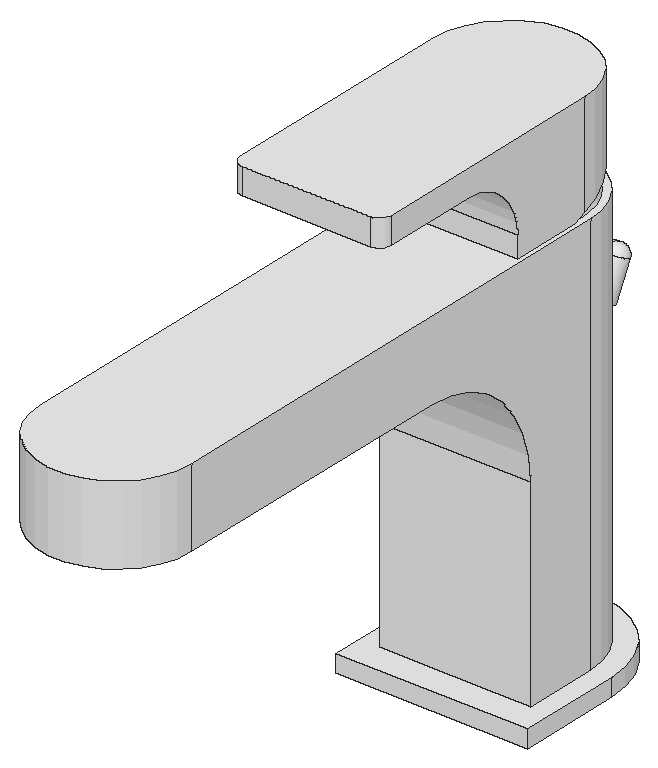
Revit family "Faucet_Bathroom-DXV-Equility-D35109100RB", category Plumbing Fixtures, Revit 2014
Parameters (values of type "D35109100RB.100")
  Width = 1 5/8"  # constant formula
  Waste Connection = no
  Warranty Documentation Link = "https://www.dxv.com/-/media/files/dxv/warranty/dxv_warranty_booklet.ashx"
  WFU = 2  # constant formula
  Vent Connection = no
  URL = "http://www.dxv.com/"
  Revised Date = "12/05/2018"  # constant formula
  Product Page URL = "https://www.dxv.com/product/equility-single-lever-bathroom-faucet-projects-model"
  Product Documentation Link = "https://dxv01.blob.core.windows.net/dxv-product-pdf-files/spec_D351091-RB_DXV_Equility_mono_vessel_EN.pdf"
  Price = "Prices may vary. Please consult Manufacturer Representative for most up-to-date price list."  # constant formula
  Model = "D35109100RB.100"
  Material = "Metal-DXV-100-Polished Chrome"
  Manufacturer = "DXV"  # constant formula
  Length = 7"  # constant formula
  Installation Type = "Deck Mounted"  # constant formula
  Hot Water Connection Diameter = 3/8"  # constant formula
  Height = 5 3/4"  # constant formula
  HWFU = 1.5  # constant formula
  HW Connection = yes
  Flow Rate = "1.5 GPM (5.7L/min)"
  Finish = Metal-DXV-100-Polished Chrome
  Description = "Equility Single Lever Faucets"  # constant formula
  Default Elevation = 0"
  Creation Date = "25/02/2014"  # constant formula
  Cold Water Connection Diameter = 3/8"  # constant formula
  CWFU = 1.5  # constant formula
  CW Connection = yes
  Assembly Code = "D2020300"
  ADA Compliant = yes
Types (4): name | Model | Material | Finish
  (no name) | "D35109100RB.100" | "Metal-DXV-100-Polished Chrome" | Metal-DXV-100-Polished Chrome
  D35109100RB.100 | "D35109100RB.100" | "Metal-DXV-100-Polished Chrome" | Metal-DXV-100-Polished Chrome
  D35109100RB.144 | "D35109100RB.144" | "Metal-DXV-144-Brushed Nickel" | Metal-DXV-144-Brushed Nickel
  D35109100RB.243 | "D35109100RB.243" | "Metal-DXV-243-Matte Black" | Metal-DXV-243-Matte Black
Reference planes (in)
  plane 1 "Center (Front/Back)": y = 0
  plane 2: z = 0
  plane 3 "Center (Left/Right)": x = 0
  plane 4: y = -2.81395
  plane 5: y = -6.18895
  plane 6: y = 0.81105
  plane 7: y = -0.81395
  plane 8: z = 3.6875
  plane 9: z = 5.75
  plane 10: x = 0.81105
  plane 11: x = -0.81395
  plane 12: y = -2.82447
Forms (in)
  Extrusion 1, solid, material "Metal-DXV-100-Polished Chrome" <- "Finish"
    sketch origin (0, 1.02284, 0) x (1, 0, 0) y (0, 1, 0)
      loop
        arc (-0.81395, -6.39929) -> (-0.00145, -7.21179) -> (0.81105, -6.39929) r 0.8125
        line (0.81105, -6.39929) -> (0.81105, -1.02429)
        arc (0.81105, -1.02429) -> (-0.00145, -0.21179) -> (-0.81395, -1.02429) r 0.8125
        line (-0.81395, -1.02429) -> (-0.81395, -6.39929)
    from 0.18685 to 4.53477
  Extrusion 2, void
    sketch origin (0, 0.96818, 0) x (0, 1, 0) y (0, 0, 1)
      loop
        line (-7.21179, 3.6875) -> (-7.21179, 0.18685) -> (-1.78213, 0.18685) -> (-1.78213, 2.35211)
        arc (-1.78213, 2.35211) -> (-2.17325, 3.29637) -> (-3.11752, 3.6875) r 1.33539
        line (-3.11752, 3.6875) -> (-7.21179, 3.6875)
      loop
        line (-3.83139, 5.46264) -> (-3.83139, 4.56557) -> (-1.96289, 4.56557) -> (-1.96289, 4.81495)
        arc (-1.96289, 4.81495) -> (-2.1526, 5.27294) -> (-2.61058, 5.46264) r 0.64769
        line (-2.61058, 5.46264) -> (-3.83139, 5.46264)
      loop
        line (-0.1875, 4.95839) -> (-1.25257, 4.56557) -> (-0.1875, 4.56557) -> (-0.1875, 4.95839)
    from -0.8758 to 0.87352
  Extrusion 3, solid, material "Metal-DXV-100-Polished Chrome" <- "Finish"
    sketch origin (0, 1.02284, 0) x (1, 0, 0) y (0, 1, 0)
      loop
        line (-1.03125, -2.15625) -> (1.03125, -2.15625) -> (1.03125, -1.02284)
        arc (1.03125, -1.02284) -> (0, 0.00841) -> (-1.03125, -1.02284) r 1.03125
        line (-1.03125, -1.02284) -> (-1.03125, -2.15625)
    from 0 to 0.18685
  Revolve 4, solid, material "Metal-DXV-100-Polished Chrome" <- "Finish"
    sketch origin (0, 0.98821, 0.57711) x (0, 1, 0) y (0, 0, 1)
      loop
        line (-0.99878, 4.53477) -> (-0.99878, 3.88423) -> (-0.25541, 3.88423)
        arc (-0.25541, 3.88423) -> (-0.50487, 4.34917) -> (-0.99878, 4.53477) r 0.75
      axis (-0.99878, 3.88423) -> (-0.99878, 4.53477)
    angle from 0 to 360
  Extrusion 5, solid, material "Metal-DXV-100-Polished Chrome" <- "Finish"
    sketch origin (0, 0.96818, 0) x (1, 0, 0) y (0, 1, 0)
      loop
        line (-0.68895, -3.78213) -> (0.68605, -3.78213)
        arc (0.68605, -3.78213) -> (0.77444, -3.74552) -> (0.81105, -3.65713) r 0.125
        line (0.81105, -3.65713) -> (0.81105, -1.05554)
        arc (0.81105, -1.05554) -> (-0.00145, -0.24304) -> (-0.81395, -1.05554) r 0.8125
        line (-0.81395, -1.05554) -> (-0.81395, -3.65713)
        arc (-0.81395, -3.65713) -> (-0.77734, -3.74552) -> (-0.68895, -3.78213) r 0.125
    from 4.58764 to 5.75
  Revolve 6, solid, material "Metal-DXV-100-Polished Chrome" <- "Finish"
    sketch origin (0, -0.48296, -3.69191) x (0, 1, 0) y (0, 0, 1)
      loop
        line (1.18637, 5.88851) -> (1.18637, 5.63851) -> (1.6721, 6.6344) -> (1.73662, 6.59885) -> (1.93207, 6.95361)
        arc (1.93207, 6.95361) -> (1.93705, 7.05184) -> (1.86282, 7.11637) r 0.11238
        line (1.86282, 7.11637) -> (1.18637, 5.88851)
      axis (1.86282, 7.11637) -> (1.08071, 5.69672)
    angle from 0 to 360
  Extrusion 7, solid, material "Metal-DXV-100-Polished Chrome" <- "Finish"
    sketch origin (0, 0, 0) x (1, 0, 0) y (0, 1, 0)
      loop
        circle (-0.29932, 0) r 0.1875
      loop
        circle (0.29932, 0) r 0.1875
    from -0.01745 to 0.18685
Cuts and joins
  Extrusion 2 cuts Extrusion 1
  Extrusion 2 cuts Extrusion 3
  Extrusion 2 cuts Extrusion 5
  joined: Extrusion 1, Extrusion 3, Revolve 4, Extrusion 5, Revolve 6
Lines and regions (in)
  Masking region 1
    outline origin (0, 0, 0) x (1, 0, 0) y (0, 1, 0)
      loop
        line (0.81105, -1.13341) -> (1.03125, -1.13341) -> (1.03125, 0)
        arc (1.03125, 0) -> (0.75561, 0.7018) -> (0.07605, 1.02844) r 1.03125
        line (0.07605, 1.02844) -> (0.07141, 1.07255) -> (0.13904, 1.13133) -> (0.13904, 1.32441)
        arc (0.13904, 1.32441) -> (0, 1.46344) -> (-0.13904, 1.32441) r 0.13904
        line (-0.13904, 1.32441) -> (-0.13904, 1.13133) -> (-0.07141, 1.07255) -> (-0.07605, 1.02844)
        arc (-0.07605, 1.02844) -> (-0.75561, 0.7018) -> (-1.03125, 0) r 1.03125
        line (-1.03125, 0) -> (-1.03125, -1.13341) -> (-0.81395, -1.13341) -> (-0.81395, -5.37645)
        arc (-0.81395, -5.37645) -> (-0.00145, -6.18895) -> (0.81105, -5.37645) r 0.8125
        line (0.81105, -5.37645) -> (0.81105, -1.13341)
  symbolic lines, style "PlumbingFixtures"
    curve 1: arc (1.03125, 0, 0) -> (0.75561, 0.7018, 0) -> (0.07605, 1.02844, 0) r 1.03125
    curve 3: line (-1.03125, 0, 0) -> (-1.03125, -1.13341, 0)
    curve 4: line (-1.03125, -1.13341, 0) -> (-0.81395, -1.13341, 0)
    curve 6: line (0.81105, -5.37645, 0) -> (0.81105, -1.13341, 0)
    curve 8: arc (-0.81395, -5.37645, 0) -> (-0.00145, -6.18895, 0) -> (0.81105, -5.37645, 0) r 0.8125
    curve 11: line (1.03125, -1.13341, 0) -> (1.03125, 0, 0)
    curve 12: line (0.07141, 1.07255, 0) -> (0.07605, 1.02844, 0)
    curve 13: line (0.07141, 1.07255, 0) -> (0.13904, 1.13133, 0)
    curve 14: line (0.13904, 1.13133, 0) -> (0.13904, 1.32441, 0)
    curve 15: line (-0.07141, 1.07255, 0) -> (-0.07605, 1.02844, 0)
    curve 16: line (-0.07141, 1.07255, 0) -> (-0.13904, 1.13133, 0)
    curve 17: line (-0.13904, 1.13133, 0) -> (-0.13904, 1.32441, 0)
    curve 18: arc (-0.13904, 1.32441, 0) -> (0, 1.46344, 0) -> (0.13904, 1.32441, 0) r 0.13904
    curve 20: arc (-0.07605, 1.02844, 0) -> (-0.75561, 0.7018, 0) -> (-1.03125, 0, 0) r 1.03125
    curve 23: line (-0.81395, -1.13341, 0) -> (-0.81395, -5.37645, 0)
    curve 24: line (0.81105, -1.13341, 0) -> (1.03125, -1.13341, 0)
  symbolic lines, style "PlumbingFixtures", detail levels medium+fine
    curve 2: arc (0.81105, -0.00145, 0) -> (-0.00145, 0.81105, 0) -> (-0.81395, -0.00145, 0) r 0.8125
    curve 5: line (-0.81395, -0.00145, 0) -> (-0.81395, -1.13341, 0)
    curve 7: line (-0.68895, -2.81395, 0) -> (0.68605, -2.81395, 0)
    curve 9: arc (-0.81395, -2.68895, 0) -> (-0.77734, -2.77734, 0) -> (-0.68895, -2.81395, 0) r 0.125
    curve 10: arc (0.68605, -2.81395, 0) -> (0.77444, -2.77734, 0) -> (0.81105, -2.68895, 0) r 0.125
    curve 22: line (0.81105, -1.13341, 0) -> (0.81105, -0.00145, 0)
  symbolic lines, style "PlumbingFixtures", detail levels fine
    curve 19: line (0.07605, 1.02844, 0) -> (0.09956, 0.80475, 0)
    curve 21: line (-0.07605, 1.02844, 0) -> (-0.09952, 0.80511, 0)
Dimensions and locks (in)
  plane 8 to plane 2 = 3 11/16"
  "Length": plane 6 to plane 5
  plane 6 to plane 12 = 3.63552"
  "Height": plane 9 to plane 2
  "Width": plane 11 to plane 10
  aligned and locked: cut or joined group of Extrusion 1, Extrusion 2, Extrusion 3, Revolve 4, Extrusion 5, Revolve 6 to Extrusion 7
Automatic sketch dimensions
  curve 1 to curve 20 = 0"  (x2)
  plane 1 "Center (Front/Back)" to curve 20 = 0"
  curve 2 to plane 11 = 0"
  curve 18 to plane 3 "Center (Left/Right)" = 0"
  curve 20 to plane 3 "Center (Left/Right)" = 0"
  curve 8 to plane 10 = 0"
  curve 4 to curve 4 = 0.2173"
  plane 12 to curve 7 = 0.01052"
  curve 7 to plane 11 = 1/8"
  curve 17 to plane 3 "Center (Left/Right)" = 0.13904"
  curve 21 to plane 3 "Center (Left/Right)" = 0.07605"
  curve 20 to curve 16 = 0.00464"
  plane 3 "Center (Left/Right)" to curve 13 = 0.07141"
  curve 12 to curve 19 = 0.00464"
  curve 7 to plane 10 = 1/8"
  plane 10 to curve 11 = 0.2202"
  plane 5 to curve 8 = 13/16"
  plane 7 to curve 4 = 0.31946"
  plane 7 to curve 11 = 0.31946"
  plane 1 "Center (Front/Back)" to curve 22 = 0.00145"
  curve 20 to curve 16 = 0.0441"
  curve 1 to curve 13 = 0.0441"
  curve 15 to curve 16 = 0.05879"
  curve 12 to curve 13 = 0.05879"
  curve 16 to curve 17 = 0.19307"
  curve 21 to plane 6 = 0.00594"
  curve 19 to plane 6 = 0.0063"
  Extrusion 1 sketch curve to plane 11 = 0"
  Extrusion 1 sketch curve to plane 10 = 0"
  plane 5 to Extrusion 1 sketch curve = 13/16"
  plane 1 "Center (Front/Back)" to Extrusion 1 sketch curve = 0.00145"
  Extrusion 2 sketch curve to plane 8 = 0"
  Extrusion 2 sketch curve to plane 7 = 0"
  plane 7 to Extrusion 2 sketch curve = 0.18077"
  Extrusion 2 sketch curve to Extrusion 2 sketch curve = 0.64769"
  plane 12 to Extrusion 2 sketch curve = 0.67513"
  Extrusion 2 sketch curve to plane 12 = 0.03874"
  Extrusion 2 sketch curve to plane 5 = 0.05467"
  plane 1 "Center (Front/Back)" to Extrusion 2 sketch curve = 0.28439"
  Extrusion 2 sketch curve to plane 6 = 0.03037"
  level to Extrusion 2 sketch curve = 0.18685"
  plane 8 to Extrusion 2 sketch curve = 0.87807"  (x2)
  Extrusion 2 sketch curve to Extrusion 2 sketch curve = 0.24939"
  Extrusion 2 sketch curve to Extrusion 2 sketch curve = 0.39283"
  plane 1 "Center (Front/Back)" to Extrusion 3 sketch curve = 0"
  Extrusion 3 sketch curve to plane 3 "Center (Left/Right)" = 0"
  plane 11 to Extrusion 3 sketch curve = 0.2173"
  plane 7 to Extrusion 3 sketch curve = 0.31946"
  plane 1 "Center (Front/Back)" to Revolve 4 sketch curve = 0.01058"  (x2)
  Revolve 4 sketch curve to plane 6 = 0.07825"
  plane 8 to Revolve 4 sketch curve = 0.67439"
  Revolve 4 sketch curve to Revolve 4 sketch curve = 0.09945"
  Revolve 4 sketch curve to Revolve 4 sketch curve = 0.06391"
  Revolve 4 sketch curve to Revolve 4 sketch curve = 0.15727"
  Extrusion 5 sketch curve to plane 11 = 0"
  Extrusion 5 sketch curve to plane 4 = 0"
  Extrusion 5 sketch curve to plane 10 = 0"
  Extrusion 5 sketch curve to Extrusion 5 sketch curve = 1/8"  (x2)
  plane 1 "Center (Front/Back)" to Extrusion 5 sketch curve = 0.08737"
  Revolve 6 sketch curve to plane 6 = 0.10764"
  plane 6 to Revolve 6 sketch curve = 0.37808"
  Revolve 6 sketch curve to Revolve 6 sketch curve = 0.06453"
  Revolve 6 sketch curve to Revolve 6 sketch curve = 0.16154"
  Revolve 6 sketch curve to plane 8 = 0.26304"  (x2)
  Revolve 6 sketch curve to Revolve 6 sketch curve = 0.02918"
  Revolve 6 sketch curve to plane 8 = 109/256"
  Revolve 6 sketch curve to Revolve 6 sketch curve = 0.09843"
  Revolve 6 sketch curve to Revolve 6 sketch curve = 0.37344"
  Revolve 6 sketch curve to Revolve 6 sketch curve = 0.74588"
  Revolve 6 sketch curve to Revolve 6 sketch curve = 1/4"
  Revolve 6 sketch curve to Revolve 6 sketch curve = 0"
  plane 8 to Revolve 6 sketch curve = 0.03241"
  Revolve 6 sketch curve to Revolve 6 sketch curve = 0.16277"
  Masking region 1 sketch curve to Masking region 1 sketch curve = 0"  (x2)
  plane 1 "Center (Front/Back)" to Masking region 1 sketch curve = 0"
  Masking region 1 sketch curve to plane 11 = 0"
  Masking region 1 sketch curve to plane 3 "Center (Left/Right)" = 0"  (x2)
  Masking region 1 sketch curve to plane 10 = 0"
  Masking region 1 sketch curve to Masking region 1 sketch curve = 0.2173"
  Masking region 1 sketch curve to Masking region 1 sketch curve = 0.13904"
  Masking region 1 sketch curve to plane 3 "Center (Left/Right)" = 0.07605"
  Masking region 1 sketch curve to Masking region 1 sketch curve = 0.00464"  (x2)
  plane 3 "Center (Left/Right)" to Masking region 1 sketch curve = 0.07141"
  plane 10 to Masking region 1 sketch curve = 0.2202"
  plane 7 to Masking region 1 sketch curve = 0.31946"  (x2)
  plane 5 to Masking region 1 sketch curve = 13/16"
  Masking region 1 sketch curve to Masking region 1 sketch curve = 0.0441"  (x2)
  Masking region 1 sketch curve to Masking region 1 sketch curve = 0.05879"  (x2)
  Masking region 1 sketch curve to Masking region 1 sketch curve = 0.19307"
  plane 1 "Center (Front/Back)" to Extrusion 7 sketch curve = 0"  (x2)
  Extrusion 7 sketch curve to plane 3 "Center (Left/Right)" = 0.29932"
  plane 3 "Center (Left/Right)" to Extrusion 7 sketch curve = 0.29932"
  radius of Extrusion 7 sketch curve = 3/16"  (x2)
Connectors (in)
  piping at (-0.29932, 0, -0.01745), diameter 0.375, driven by "HWFU", driven by "Hot Water Connection Diameter"
    settings: on Extrusion 7, index 1, connector inside diameter 24", connector length 0", flow factor 0, pipe flow 0 GPM, pressure drop 0.00 psi, fitting loss kfactor 0, connector angle 0.00°, fixture units 1.5, engagement length 0", angle of deflection 0.00°, flow configuration 3, flow direction 1, fitting loss method 0, system type 19, joint type 0, gender type 0, connector reference index -1, connector utility 0, adjustable connector no, is connector primary yes, connector description "3/8\" HW Inlet Connection"
  piping at (0.29932, 0, -0.01745), diameter 0.375, driven by "Cold Water Connection Diameter", driven by "CWFU"
    settings: on Extrusion 7, index 2, connector inside diameter 24", connector length 0", flow factor 0, pipe flow 0 GPM, pressure drop 0.00 psi, fitting loss kfactor 0, connector angle 0.00°, fixture units 1.5, engagement length 0", angle of deflection 0.00°, flow configuration 3, flow direction 1, fitting loss method 0, system type 20, joint type 0, gender type 0, connector reference index -1, connector utility 0, adjustable connector no, is connector primary no, connector description "3/8\" CW Inlet Connection"
